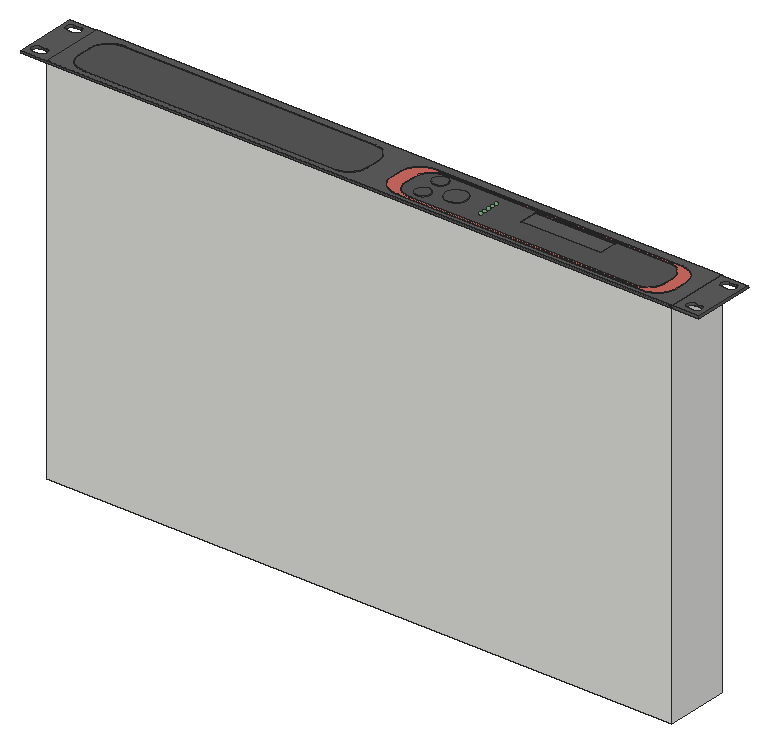
Revit family "Electronics_Fixed-Audio-DSP_Biamp_Tesira_TesiraFORTE_DAN-AI__", category Communication Devices, host Face, Revit 2020
Family settings
  Host = Face
  Maintain Annotation Orientation = No
  Round Connector Dimension = Use Diameter
  Part Type = Normal
  OmniClass Number = 23.85.10.11.11
  OmniClass Title = Sound and Signal Devices
  Cut with Voids When Loaded = No
  Shared = No
  Room Calculation Point = No
Parameters (values of type "DAN AI")
  Width = 19.00"  # constant formula
  Weight = 8.00 lbf  # constant formula
  Voltage = 120 V
  URL = "https://www.biamp.com/"
  Type 2 = yes
  Temperature Range = "32 - 104° F (0 - 40° C)"  # constant formula
  THD+N = "0dB gain, +4dBu input: < 0.006%; 54dB gain, -50dBu input: < 0.040%"  # constant formula
  Sampling Rate = "48kHz\r"  # constant formula
  Sample Rate = "USB 48kHz"  # constant formula
  Product data url = "https://www.bimobject.com/biamp/product/tesiraforte-dan-ai_fixed-audio-dsp"
  Product Page URL = "https://www.biamp.com/products/tesira-fixed-audio-dsp#tesiraforte-dan-ai"
  Product Documentation Link = "https://downloads.biamp.com/assets/docs/default-source/data-sheets/biamp_data_sheet_tesiraforte_dan_ai_oct20.pdf"
  Power Factor = 1
  Phantom Power = "+48VDC (7mA/input)\r"  # constant formula
  Output Impedance = "207 ohm"  # constant formula
  Number of Poles = 1
  Number of Channels = "up to 8"  # constant formula
  Maximum Output = "+24dBu, +18dBu, +12dBu, +6dBu, 0dBu, -31dBu"  # constant formula
  Maximum Input = "+24dBu"  # constant formula
  Max Power Consumption = 35 W
  Input Impedance = "8 kohm"  # constant formula
  Input Gain Range = "0-66dB"  # constant formula
  Humidity = "0-98% relative humidity (non-condensing)"  # constant formula
  Housing Material = Biamp - Metal - Silver
  Height = 1.75"  # constant formula
  Frequency Response = "20Hz to 20kHz, +4dBu output: +0.25 dB/-0.5 dB"  # constant formula
  EIN = "no weighting, 22Hz to 22kHz: < -125dBu"  # constant formula
  Dynamic Range = "22Hz to 22kHz, 0dB gain: > 108dB\r"  # constant formula
  Depth = 10.50"  # constant formula
  DAN/AVB = yes
  VoIP+Telephone Line = no
  Type1 = yes
  Model = "TesiraFORTÉ DAN AI"  # constant formula
  Manufacturer = "Biamp"  # constant formula
  Description = "TesiraFORTÉ® DAN AI Fixed I/O DSP"  # constant formula
  Default Elevation = 48.00"
  Cross Talk = "0dB gain, +4dBu input: < -85dB; 54dB gain, -50dBu input: < -75dB"  # constant formula
  Connector Description = "100-240VAC 50/60Hz"
  Compliance = "FCC Part 15B (USA), CE marked (Europe), UL und C-UL listed (USA and Canada), RCM (Australia), RoHS Directive (Europe)"  # constant formula
  Bit Depth = "16- or 24-bit"  # constant formula
  Assembly Code = ""
  Apparent Load = Max Power Consumption / Power Factor  # 35 VA
  Altitude = "0-6,600 ft (0-2000m) MSL"  # constant formula
  A/D - D/A Converters = "24-bit"  # constant formula
Reference planes (in)
  plane 1 "Center (Front/Back)": y = 0
  plane 2: z = 0
  plane 3 "Center (Left/Right)": x = 0
  plane 4: x = 18.35304
  plane 5: y = 0.60831
  plane 6: y = -0.59466
  plane 7: y = -0.86817
  plane 8: y = 0.88183
  plane 9: x = 18.67652
  plane 10: x = -0.32348
Forms (in)
  Extrusion 1, solid, material "Biamp - Plastic - Red", detail levels medium+fine
    sketch origin (9.17652, -0.86817, -5.18699) x (1, 0, 0) y (0, 1, 0)
      loop
        arc (0.91084, 1.51843) -> (0.52967, 1.36054) -> (0.37178, 0.97937) r 0.53906
        line (0.37178, 0.97937) -> (0.37178, 0.67022)
        arc (0.37178, 0.67022) -> (0.52998, 0.28829) -> (0.91192, 0.13009) r 0.54014
        line (0.91192, 0.13009) -> (7.81996, 0.13009)
        arc (7.81996, 0.13009) -> (8.20114, 0.28798) -> (8.35902, 0.66915) r 0.53906
        line (8.35902, 0.66915) -> (8.35902, 0.97937)
        arc (8.35902, 0.97937) -> (8.20114, 1.36054) -> (7.81996, 1.51843) r 0.53906
        line (7.81996, 1.51843) -> (0.91084, 1.51843)
      loop
        line (1.22622, 0.20126) -> (7.54738, 0.20126)
        arc (7.54738, 0.20126) -> (7.87547, 0.33716) -> (8.01138, 0.66526) r 0.464
        line (8.01138, 0.66526) -> (8.01138, 0.95126)
        arc (8.01138, 0.95126) -> (7.86493, 1.30482) -> (7.51138, 1.45126) r 0.5
        line (7.51138, 1.45126) -> (1.22622, 1.45126)
        arc (1.22622, 1.45126) -> (0.89753, 1.31511) -> (0.76138, 0.98642) r 0.46484
        line (0.76138, 0.98642) -> (0.76138, 0.66611)
        arc (0.76138, 0.66611) -> (0.89753, 0.33741) -> (1.22622, 0.20126) r 0.46484
    from 5.24135 to 5.25
  Extrusion 2, solid, material "Biamp - Metal - Black"
    sketch origin (9.17652, -0.86817, -5.18699) x (1, 0, 0) y (0, 1, 0)
      loop
        line (-9.5, 1.75) -> (-9.5, 0) -> (9.5, 0) -> (9.5, 1.75) -> (-9.5, 1.75)
    from 5.18699 to 5.24135
  Extrusion 3, void, detail levels medium+fine
    sketch origin (9.17652, -0.86817, -5.18699) x (1, 0, 0) y (0, 1, 0)
      loop
        arc (9.0994, 1.61097) -> (8.96492, 1.47649) -> (9.0994, 1.342) r 0.13448
        line (9.0994, 1.342) -> (9.25364, 1.342)
        arc (9.25364, 1.342) -> (9.38812, 1.47649) -> (9.25364, 1.61097) r 0.13448
        line (9.25364, 1.61097) -> (9.0994, 1.61097)
      loop
        arc (9.0994, 0.408) -> (8.96492, 0.27351) -> (9.0994, 0.13903) r 0.13448
        line (9.0994, 0.13903) -> (9.25364, 0.13903)
        arc (9.25364, 0.13903) -> (9.38812, 0.27351) -> (9.25364, 0.408) r 0.13448
        line (9.25364, 0.408) -> (9.0994, 0.408)
      loop
        arc (-9.25364, 1.61097) -> (-9.38812, 1.47649) -> (-9.25364, 1.342) r 0.13448
        line (-9.25364, 1.342) -> (-9.0994, 1.342)
        arc (-9.0994, 1.342) -> (-8.96492, 1.47649) -> (-9.0994, 1.61097) r 0.13448
        line (-9.0994, 1.61097) -> (-9.25364, 1.61097)
      loop
        arc (-9.25364, 0.408) -> (-9.38812, 0.27351) -> (-9.25364, 0.13903) r 0.13448
        line (-9.25364, 0.13903) -> (-9.0994, 0.13903)
        arc (-9.0994, 0.13903) -> (-8.96492, 0.27351) -> (-9.0994, 0.408) r 0.13448
        line (-9.0994, 0.408) -> (-9.25364, 0.408)
    from 5.18699 to 5.24135
  Extrusion 4, solid, material "Biamp - Glass - Gray", detail levels medium+fine
    sketch origin (9.17652, -0.86817, -5.18699) x (1, 0, 0) y (0, 1, 0)
      loop
        line (3.83453, 0.85955) -> (6.08453, 0.85955) -> (6.08453, 1.3833) -> (3.83453, 1.3833) -> (3.83453, 0.85955)
    from 5.24135 to 5.25
  Extrusion 5, solid, material "Biamp - Plastic - Black", detail levels medium+fine
    sketch origin (9.17652, -0.86817, -5.18699) x (1, 0, 0) y (0, 1, 0)
      loop
        arc (1.22622, 1.45126) -> (0.89753, 1.31511) -> (0.76138, 0.98642) r 0.46484
        line (0.76138, 0.98642) -> (0.76138, 0.66611)
        arc (0.76138, 0.66611) -> (0.89753, 0.33741) -> (1.22622, 0.20126) r 0.46484
        line (1.22622, 0.20126) -> (7.54738, 0.20126)
        arc (7.54738, 0.20126) -> (7.87547, 0.33716) -> (8.01138, 0.66526) r 0.464
        line (8.01138, 0.66526) -> (8.01138, 0.95126)
        arc (8.01138, 0.95126) -> (7.86493, 1.30482) -> (7.51138, 1.45126) r 0.5
        line (7.51138, 1.45126) -> (1.22622, 1.45126)
      loop
        line (3.83453, 0.85955) -> (6.08453, 0.85955) -> (6.08453, 1.3833) -> (3.83453, 1.3833) -> (3.83453, 0.85955)
    from 5.24135 to 5.24805
  Extrusion 6, solid, material "Biamp - Metal - Black", detail levels medium+fine
    sketch origin (9.17652, -0.86817, -5.18699) x (1, 0, 0) y (0, 1, 0)
      loop
        line (-8.75742, 1.75) -> (-8.75742, 0) -> (8.75742, 0) -> (8.75742, 1.75) -> (-8.75742, 1.75)
      loop
        line (8.35902, 0.66915) -> (8.35902, 0.97937)
        arc (8.35902, 0.97937) -> (8.20114, 1.36054) -> (7.81996, 1.51843) r 0.53906
        line (7.81996, 1.51843) -> (0.91084, 1.51843)
        arc (0.91084, 1.51843) -> (0.52967, 1.36054) -> (0.37178, 0.97937) r 0.53906
        line (0.37178, 0.97937) -> (0.37178, 0.67022)
        arc (0.37178, 0.67022) -> (0.52998, 0.28829) -> (0.91192, 0.13009) r 0.54014
        line (0.91192, 0.13009) -> (7.81996, 0.13009)
        arc (7.81996, 0.13009) -> (8.20114, 0.28798) -> (8.35902, 0.66915) r 0.53906
      loop
        line (-0.80003, 1.5425) -> (-7.86956, 1.5425)
        arc (-7.86956, 1.5425) -> (-8.22311, 1.39606) -> (-8.36956, 1.0425) r 0.5
        line (-8.36956, 1.0425) -> (-8.36956, 0.64195)
        arc (-8.36956, 0.64195) -> (-8.22311, 0.2884) -> (-7.86956, 0.14195) r 0.5
        line (-7.86956, 0.14195) -> (-0.80003, 0.14195)
        arc (-0.80003, 0.14195) -> (-0.44647, 0.2884) -> (-0.30003, 0.64195) r 0.5
        line (-0.30003, 0.64195) -> (-0.30003, 1.0425)
        arc (-0.30003, 1.0425) -> (-0.44647, 1.39606) -> (-0.80003, 1.5425) r 0.5
    from 5.24135 to 5.25
  Extrusion 7, solid, material "Biamp - Plastic - Black(Grid)", detail levels medium+fine
    sketch origin (9.17652, -0.86817, -5.18699) x (1, 0, 0) y (0, 1, 0)
      loop
        arc (-7.86956, 1.5425) -> (-8.22311, 1.39606) -> (-8.36956, 1.0425) r 0.5
        line (-8.36956, 1.0425) -> (-8.36956, 0.64195)
        arc (-8.36956, 0.64195) -> (-8.22311, 0.2884) -> (-7.86956, 0.14195) r 0.5
        line (-7.86956, 0.14195) -> (-0.80003, 0.14195)
        arc (-0.80003, 0.14195) -> (-0.44647, 0.2884) -> (-0.30003, 0.64195) r 0.5
        line (-0.30003, 0.64195) -> (-0.30003, 1.0425)
        arc (-0.30003, 1.0425) -> (-0.44647, 1.39606) -> (-0.80003, 1.5425) r 0.5
        line (-0.80003, 1.5425) -> (-7.86956, 1.5425)
    from 5.24135 to 5.25
  Extrusion 8, solid, material "Biamp - Metal - Silver" <- "Housing Material"
    sketch origin (9.17652, -0.86817, -5.18699) x (1, 0, 0) y (0, 0, -1)
      loop
        line (-8.75742, 5.25) -> (-8.75742, -5.18699) -> (8.75742, -5.18699) -> (8.75742, 5.25) -> (-8.75742, 5.25)
    from 0 to 1.75
  Extrusion 9, solid, material "Biamp - Metal - Silver" <- "Housing Material", visible <- "Type1"
    sketch origin (9.17652, -0.86817, -5.18699) x (1, 0, 0) y (0, 1, 0)
      loop
        line (6.99083, 1.52401) -> (6.99083, 0.59433) -> (8.24083, 0.59433) -> (8.24083, 1.52401) -> (6.99083, 1.52401)
      loop
        line (6.26249, 0.22588) -> (6.26249, 0.78659) -> (5.55775, 0.78659) -> (5.55775, 0.22588) -> (6.26249, 0.22588)
      loop
        line (3.15045, 0.26348) -> (3.23229, 0.72758) -> (2.37912, 0.72758) -> (2.46096, 0.26348) -> (3.15045, 0.26348)
      loop
        line (1.96267, 0.22749) -> (1.96267, 0.70184) -> (1.42474, 0.70184) -> (1.42474, 0.22749) -> (1.96267, 0.22749)
      loop
        line (0.16865, 0.53988) -> (-0.7835, 0.53988) -> (-0.7835, 0.22373) -> (0.16865, 0.22373) -> (0.16865, 0.53988)
      loop
        line (-4.9886, 1.33802) -> (-5.65288, 1.33802) -> (-5.65288, 0.88089) -> (-4.9886, 0.88089) -> (-4.9886, 1.33802)
      loop
        line (-5.96289, 1.33802) -> (-6.62717, 1.33802) -> (-6.62717, 0.88089) -> (-5.96289, 0.88089) -> (-5.96289, 1.33802)
      loop
        line (-6.93718, 1.33802) -> (-7.60145, 1.33802) -> (-7.60145, 0.88089) -> (-6.93718, 0.88089) -> (-6.93718, 1.33802)
      loop
        line (-7.91147, 1.33802) -> (-8.57574, 1.33802) -> (-8.57574, 0.88089) -> (-7.91147, 0.88089) -> (-7.91147, 1.33802)
      loop
        line (-5.65288, 0.68086) -> (-5.65288, 0.22373) -> (-4.9886, 0.22373) -> (-4.9886, 0.68086) -> (-5.65288, 0.68086)
      loop
        line (-5.96289, 0.68086) -> (-6.62717, 0.68086) -> (-6.62717, 0.22373) -> (-5.96289, 0.22373) -> (-5.96289, 0.68086)
      loop
        line (-6.93718, 0.22373) -> (-6.93718, 0.68086) -> (-7.60145, 0.68086) -> (-7.60145, 0.22373) -> (-6.93718, 0.22373)
      loop
        line (-7.91147, 0.22373) -> (-7.91147, 0.68086) -> (-8.57574, 0.68086) -> (-8.57574, 0.22373) -> (-7.91147, 0.22373)
    from -5.26366 to -5.25
  Extrusion 10, solid, material "Biamp - Metal - Silver" <- "Housing Material", visible <- "DAN/AVB"
    sketch origin (9.17652, -0.86817, -5.18699) x (1, 0, 0) y (0, 1, 0)
      loop
        line (5.02811, 0.22588) -> (5.02811, 0.78659) -> (4.32337, 0.78659) -> (4.32337, 0.22588) -> (5.02811, 0.22588)
    from -5.26366 to -5.25
  Extrusion 11, solid, material "Biamp - Metal - Silver" <- "Housing Material", visible <- "Type 2"
    sketch origin (9.17652, -0.86817, -5.18699) x (1, 0, 0) y (0, 1, 0)
      loop
        line (2.80571, 1.33802) -> (2.14143, 1.33802) -> (2.14143, 0.88089) -> (2.80571, 0.88089) -> (2.80571, 1.33802)
      loop
        line (1.83142, 1.33802) -> (1.16714, 1.33802) -> (1.16714, 0.88089) -> (1.83142, 0.88089) -> (1.83142, 1.33802)
      loop
        line (0.85713, 0.88089) -> (0.85713, 1.33802) -> (0.19286, 1.33802) -> (0.19286, 0.88089) -> (0.85713, 0.88089)
      loop
        line (-0.11716, 1.33802) -> (-0.78143, 1.33802) -> (-0.78143, 0.88089) -> (-0.11716, 0.88089) -> (-0.11716, 1.33802)
      loop
        line (-1.09145, 1.33802) -> (-1.75572, 1.33802) -> (-1.75572, 0.88089) -> (-1.09145, 0.88089) -> (-1.09145, 1.33802)
      loop
        line (-2.06574, 0.88089) -> (-2.06574, 1.33802) -> (-2.73001, 1.33802) -> (-2.73001, 0.88089) -> (-2.06574, 0.88089)
      loop
        line (-3.04003, 0.88089) -> (-3.04003, 1.33802) -> (-3.7043, 1.33802) -> (-3.7043, 0.88089) -> (-3.04003, 0.88089)
      loop
        line (-3.04003, 0.68086) -> (-3.7043, 0.68086) -> (-3.7043, 0.22373) -> (-3.04003, 0.22373) -> (-3.04003, 0.68086)
      loop
        line (-4.01432, 0.22373) -> (-4.01432, 0.68086) -> (-4.67859, 0.68086) -> (-4.67859, 0.22373) -> (-4.01432, 0.22373)
      loop
        line (-4.67859, 0.88089) -> (-4.01432, 0.88089) -> (-4.01432, 1.33802) -> (-4.67859, 1.33802) -> (-4.67859, 0.88089)
      loop
        line (-2.73001, 0.68086) -> (-2.73001, 0.22373) -> (-2.06574, 0.22373) -> (-2.06574, 0.68086) -> (-2.73001, 0.68086)
      loop
        line (-1.75572, 0.68086) -> (-1.75572, 0.22373) -> (-1.09145, 0.22373) -> (-1.09145, 0.68086) -> (-1.75572, 0.68086)
    from -5.26366 to -5.25
  Extrusion 12, solid, material "Biamp - Plastic - Black", detail levels fine
    sketch origin (0, 0, 0) x (1, 0, 0) y (0, 1, 0)
      loop
        circle (10.50753, 0.30721) r 0.2
      loop
        circle (10.50753, -0.30721) r 0.2
      loop
        circle (11.19836, 0) r 0.29
    from 0 to 0.06301
  Revolve 13, solid, material "Biamp - Plastic - Green", detail levels fine
    sketch origin (12.10249, -1.02037, -5.09642) x (0, 1, 0) y (0, 0, 1)
      loop
        arc (1.33717, 5.15748) -> (1.29771, 5.19694) -> (1.25824, 5.15748) r 0.03946
        line (1.25824, 5.15748) -> (1.33717, 5.15748)
      loop
        arc (1.19785, 5.15748) -> (1.15839, 5.19694) -> (1.11892, 5.15748) r 0.03946
        line (1.11892, 5.15748) -> (1.19785, 5.15748)
      loop
        arc (1.05983, 5.15748) -> (1.02037, 5.19694) -> (0.9809, 5.15748) r 0.03946
        line (0.9809, 5.15748) -> (1.05983, 5.15748)
      loop
        arc (0.92095, 5.15748) -> (0.88149, 5.19694) -> (0.84202, 5.15748) r 0.03946
        line (0.84202, 5.15748) -> (0.92095, 5.15748)
      loop
        arc (0.78497, 5.15748) -> (0.7455, 5.19694) -> (0.70604, 5.15748) r 0.03946
        line (0.70604, 5.15748) -> (0.78497, 5.15748)
      axis (1.33717, 5.15748) -> (0.70604, 5.15748)
    angle from 270 to 450
Cuts and joins
  Extrusion 3 cuts Extrusion 2
Lines and regions (in)
  Masking region 1
    outline origin (0, 0, 0) x (1, 0, 0) y (0, 0, 1)
      loop
        line (-0.32348, 0) -> (0.4191, 0) -> (0.4191, -10.43699) -> (17.93394, -10.43699) -> (17.93394, 0) -> (18.67652, 0) -> (18.67652, 0.06301) -> (-0.32348, 0.06301) -> (-0.32348, 0)
  symbolic lines
    curve 1: line (-0.32348, 0, 0) -> (18.67652, 0, 0)
Dimensions and locks (in)
  aligned and locked: plane 2 to host face
  aligned and locked: level to host face
Connectors (in)
  electrical at (16.79235, 0.191, -10.45064), driven by "Number of Poles", driven by "Voltage", driven by "Apparent Load", driven by "Power Factor", driven by "Connector Description"
    settings: on Extrusion 9, index 1, voltage 120 V, apparent load 0 VA, apparent load phase1 35 VA, apparent load phase2 0 VA, apparent load phase3 0 VA, power factor 1, load classification "Other", number of poles 1, system type 31, power factor state 1, is connector primary yes, connector utility no, sub classification motor no, connector description "100-240VAC 50/60Hz"
  electrical at (15.08664, -0.36194, -10.45064)
    settings: on Extrusion 9, index 2, voltage 0 V, apparent load 0 VA, apparent load phase1 0 VA, apparent load phase2 0 VA, apparent load phase3 0 VA, power factor 1, load classification "Other", number of poles 1, system type 5, power factor state 1, is connector primary no, connector utility no, sub classification motor no, connector description "RJ-45; Network control connector"
  electrical at (13.85226, -0.36194, -10.45064)
    settings: on Extrusion 10, index 3, voltage 0 V, apparent load 0 VA, apparent load phase1 0 VA, apparent load phase2 0 VA, apparent load phase3 0 VA, power factor 1, load classification "Other", number of poles 1, system type 5, power factor state 1, is connector primary no, connector utility no, sub classification motor no, connector description "RJ-45; Dante"
  electrical at (11.98222, -0.37264, -10.45064)
    settings: on Extrusion 9, index 4, voltage 0 V, apparent load 0 VA, apparent load phase1 0 VA, apparent load phase2 0 VA, apparent load phase3 0 VA, power factor 1, load classification "Other", number of poles 1, system type 5, power factor state 1, is connector primary no, connector utility no, sub classification motor no, connector description "RS-232; Serial Port"
  electrical at (11.65009, 0.24129, -10.45064)
    settings: on Extrusion 11, index 5, voltage 0 V, apparent load 0 VA, apparent load phase1 0 VA, apparent load phase2 0 VA, apparent load phase3 0 VA, power factor 1, load classification "Other", number of poles 1, system type 5, power factor state 1, is connector primary no, connector utility no, sub classification motor no, connector description "Analog Input"
  electrical at (10.6758, 0.24129, -10.45064)
    settings: on Extrusion 11, index 6, voltage 0 V, apparent load 0 VA, apparent load phase1 0 VA, apparent load phase2 0 VA, apparent load phase3 0 VA, power factor 1, load classification "Other", number of poles 1, system type 5, power factor state 1, is connector primary no, connector utility no, sub classification motor no, connector description "Analog Input"
  electrical at (9.70151, 0.24129, -10.45064)
    settings: on Extrusion 11, index 7, voltage 0 V, apparent load 0 VA, apparent load phase1 0 VA, apparent load phase2 0 VA, apparent load phase3 0 VA, power factor 1, load classification "Other", number of poles 1, system type 5, power factor state 1, is connector primary no, connector utility no, sub classification motor no, connector description "Analog Input"
  electrical at (8.72722, 0.24129, -10.45064)
    settings: on Extrusion 11, index 8, voltage 0 V, apparent load 0 VA, apparent load phase1 0 VA, apparent load phase2 0 VA, apparent load phase3 0 VA, power factor 1, load classification "Other", number of poles 1, system type 5, power factor state 1, is connector primary no, connector utility no, sub classification motor no, connector description "Analog Input"
  electrical at (7.75293, 0.24129, -10.45064)
    settings: on Extrusion 11, index 9, voltage 0 V, apparent load 0 VA, apparent load phase1 0 VA, apparent load phase2 0 VA, apparent load phase3 0 VA, power factor 1, load classification "Other", number of poles 1, system type 5, power factor state 1, is connector primary no, connector utility no, sub classification motor no, connector description "Analog Input"
  electrical at (6.77864, 0.24129, -10.45064)
    settings: on Extrusion 11, index 10, voltage 0 V, apparent load 0 VA, apparent load phase1 0 VA, apparent load phase2 0 VA, apparent load phase3 0 VA, power factor 1, load classification "Other", number of poles 1, system type 5, power factor state 1, is connector primary no, connector utility no, sub classification motor no, connector description "Analog Input"
  electrical at (5.80436, 0.24129, -10.45064)
    settings: on Extrusion 11, index 11, voltage 0 V, apparent load 0 VA, apparent load phase1 0 VA, apparent load phase2 0 VA, apparent load phase3 0 VA, power factor 1, load classification "Other", number of poles 1, system type 5, power factor state 1, is connector primary no, connector utility no, sub classification motor no, connector description "Analog Input"
  electrical at (4.83007, 0.24129, -10.45064)
    settings: on Extrusion 11, index 12, voltage 0 V, apparent load 0 VA, apparent load phase1 0 VA, apparent load phase2 0 VA, apparent load phase3 0 VA, power factor 1, load classification "Other", number of poles 1, system type 5, power factor state 1, is connector primary no, connector utility no, sub classification motor no, connector description "Analog Input"
  electrical at (3.85578, 0.24129, -10.45064)
    settings: on Extrusion 9, index 13, voltage 0 V, apparent load 0 VA, apparent load phase1 0 VA, apparent load phase2 0 VA, apparent load phase3 0 VA, power factor 1, load classification "Other", number of poles 1, system type 5, power factor state 1, is connector primary no, connector utility no, sub classification motor no, connector description "Analog Input"
  electrical at (2.88149, 0.24129, -10.45064)
    settings: on Extrusion 9, index 14, voltage 0 V, apparent load 0 VA, apparent load phase1 0 VA, apparent load phase2 0 VA, apparent load phase3 0 VA, power factor 1, load classification "Other", number of poles 1, system type 5, power factor state 1, is connector primary no, connector utility no, sub classification motor no, connector description "Analog Input"
  electrical at (1.9072, 0.24129, -10.45064)
    settings: on Extrusion 9, index 15, voltage 0 V, apparent load 0 VA, apparent load phase1 0 VA, apparent load phase2 0 VA, apparent load phase3 0 VA, power factor 1, load classification "Other", number of poles 1, system type 5, power factor state 1, is connector primary no, connector utility no, sub classification motor no, connector description "Analog Input"
  electrical at (0.93291, 0.24129, -10.45064)
    settings: on Extrusion 9, index 16, voltage 0 V, apparent load 0 VA, apparent load phase1 0 VA, apparent load phase2 0 VA, apparent load phase3 0 VA, power factor 1, load classification "Other", number of poles 1, system type 5, power factor state 1, is connector primary no, connector utility no, sub classification motor no, connector description "Analog Input"
  electrical at (0.93291, -0.41588, -10.45064)
    settings: on Extrusion 9, index 17, voltage 0 V, apparent load 0 VA, apparent load phase1 0 VA, apparent load phase2 0 VA, apparent load phase3 0 VA, power factor 1, load classification "Other", number of poles 1, system type 5, power factor state 1, is connector primary no, connector utility no, sub classification motor no, connector description "Analog Output"
  electrical at (1.9072, -0.41588, -10.45064)
    settings: on Extrusion 9, index 18, voltage 0 V, apparent load 0 VA, apparent load phase1 0 VA, apparent load phase2 0 VA, apparent load phase3 0 VA, power factor 1, load classification "Other", number of poles 1, system type 5, power factor state 1, is connector primary no, connector utility no, sub classification motor no, connector description "Analog Output"
  electrical at (2.88149, -0.41588, -10.45064)
    settings: on Extrusion 9, index 19, voltage 0 V, apparent load 0 VA, apparent load phase1 0 VA, apparent load phase2 0 VA, apparent load phase3 0 VA, power factor 1, load classification "Other", number of poles 1, system type 5, power factor state 1, is connector primary no, connector utility no, sub classification motor no, connector description "Analog Output"
  electrical at (3.85578, -0.41588, -10.45064)
    settings: on Extrusion 9, index 20, voltage 0 V, apparent load 0 VA, apparent load phase1 0 VA, apparent load phase2 0 VA, apparent load phase3 0 VA, power factor 1, load classification "Other", number of poles 1, system type 5, power factor state 1, is connector primary no, connector utility no, sub classification motor no, connector description "Analog Output"
  electrical at (4.83007, -0.41588, -10.45064)
    settings: on Extrusion 11, index 21, voltage 0 V, apparent load 0 VA, apparent load phase1 0 VA, apparent load phase2 0 VA, apparent load phase3 0 VA, power factor 1, load classification "Other", number of poles 1, system type 5, power factor state 1, is connector primary no, connector utility no, sub classification motor no, connector description "Analog Output"
  electrical at (5.80436, -0.41588, -10.45064)
    settings: on Extrusion 11, index 22, voltage 0 V, apparent load 0 VA, apparent load phase1 0 VA, apparent load phase2 0 VA, apparent load phase3 0 VA, power factor 1, load classification "Other", number of poles 1, system type 5, power factor state 1, is connector primary no, connector utility no, sub classification motor no, connector description "Analog Output"
  electrical at (6.77864, -0.41588, -10.45064)
    settings: on Extrusion 11, index 23, voltage 0 V, apparent load 0 VA, apparent load phase1 0 VA, apparent load phase2 0 VA, apparent load phase3 0 VA, power factor 1, load classification "Other", number of poles 1, system type 5, power factor state 1, is connector primary no, connector utility no, sub classification motor no, connector description "Analog Output"
  electrical at (7.75293, -0.41588, -10.45064)
    settings: on Extrusion 11, index 24, voltage 0 V, apparent load 0 VA, apparent load phase1 0 VA, apparent load phase2 0 VA, apparent load phase3 0 VA, power factor 1, load classification "Other", number of poles 1, system type 5, power factor state 1, is connector primary no, connector utility no, sub classification motor no, connector description "Analog Output"
  electrical at (8.8691, -0.48637, -10.45064)
    settings: on Extrusion 9, index 25, voltage 0 V, apparent load 0 VA, apparent load phase1 0 VA, apparent load phase2 0 VA, apparent load phase3 0 VA, power factor 1, load classification "Other", number of poles 1, system type 5, power factor state 1, is connector primary no, connector utility no, sub classification motor no, connector description "GPIO; Logic I/O"
  electrical at (10.87022, -0.4035, -10.45064)
    settings: on Extrusion 9, index 26, voltage 0 V, apparent load 0 VA, apparent load phase1 0 VA, apparent load phase2 0 VA, apparent load phase3 0 VA, power factor 1, load classification "Other", number of poles 1, system type 5, power factor state 1, is connector primary no, connector utility no, sub classification motor no, connector description "USB"
